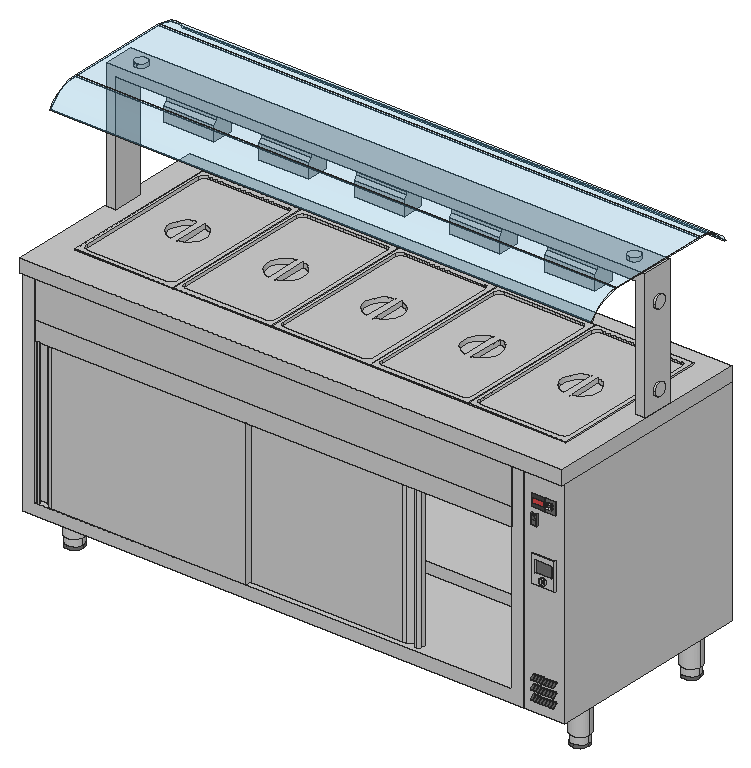
Revit family "QF_INOMAK_MRV718_250606113755", category Specialty Equipment, Revit 2021
Family settings
  Round Connector Dimension = Use Diameter
  Part Type = Normal
  OmniClass Number = 23.40.40.14
  OmniClass Title = Food Service Equipment
  Work Plane-Based = No
  Always vertical = Yes
  Cut with Voids When Loaded = No
  Shared = No
  Room Calculation Point = No
Parameters (values of type "MRV718")
  Weight [instance] = 110.001 kg
  Waste Water Discharge Temperature [instance] = 0 °C
  Waste Remarks [instance] = ""
  Warranty Start Date [instance] = ""
  Warranty Duration [instance] = ""
  Volts [instance] = 230 V
  Volt Free Conn [instance] = no
  URL Recommended Spares List [instance] = ""
  URL Manufacturer [instance] = ""
  URL Cutsheet [instance] = ""
  URL Critical Spares List [instance] = ""
  URL = "www.inomak.com"
  Technical Documentation [instance] = ""
  Tag Number [instance] = ""
  Status [instance] = ""
  Start Up Current [instance] = 0 A
  Specification by User [instance] = ""
  Specification by Manufacturer [instance] = ""
  Sound Level [instance] = ""
  Show Logo [instance] = yes
  Show Clearances [instance] = yes
  Service Life Duration [instance] = ""
  Serial Number [instance] = ""
  Seismic Rating [instance] = ""
  SMACNA No [instance] = ""
  Revision Code [instance] = ""
  Revision [instance] = ""
  Production Year [instance] = ""
  Potential Equalisation [instance] = no
  Point Load [instance] = 0
  Plumbing Remarks [instance] = ""
  Plumbing Connection Type [instance] = ""
  Phase [instance] = 1
  Other Equipment Approvals [instance] = ""
  Operational Current [instance] = 0 A
  Odor Trap Included [instance] = no
  Number of Poles [instance] = 2
  No Load Power Draw [instance] = no
  National Water Regulation Certification [instance] = no
  NAFEM Spec ID Number [instance] = ""
  Model Warning [instance] = ""
  Model = "MRV718"
  Min Ckt Ampacity [instance] = 0 A
  Max Overcurrent Protection [instance] = 16 A
  Masterspec [instance] = ""
  Manufacturer = "INOMAK"
  Main switch integrated [instance] = no
  Length Actual [instance] = 1791.97 mm
  Item Number [instance] = ""
  Installed By [instance] = ""
  Installation Date [instance] = ""
  Indirect Waste Size [instance] = 25.4 mm
  Indirect Waste Remarks [instance] = ""
  Indirect Waste Flow [instance] = 0.0 L/s
  Indirect Waste Connection Type [instance] = ""
  Indirect Waste Connection Height [instance] = 0 mm
  Identify Quantity as Lot [instance] = no
  ID [instance] = ""
  Hygiene Approval [instance] = ""
  Height Actual [instance] = 1312.926 mm
  HP power [instance] = ""
  Furnished By [instance] = ""
  Foodservice Equipment Identifier [instance] = no
  FL Amps [instance] = 14.1 A
  Electrical Remarks [instance] = ""
  Electric power [instance] = 3250 W
  Electric Connection Type [instance] = ""
  Elec Conn RI Height [instance] = 0 mm
  Elec Conn Connection Height [instance] = 0 mm
  ETL Approved [instance] = no
  Direct Waste Water Discharge Temperature [instance] = -273.15 °C
  Direct Waste Size [instance] = 25.4 mm
  Direct Waste RI Height [instance] = 0 mm
  Direct Waste Flow [instance] = 0.0 L/s
  Direct Waste Connection Height [instance] = 0 mm
  Description = "BAIN MARIE ON CUPBOARD WITH 4 GN PANS CAPACITY AND DOUBLE SNEEZE GUARD"
  Depth Actual [instance] = 700.024 mm
  Default Elevation = 0 mm
  Cycle [instance] = 50 Hz
  Cost = 0
  Connection to energy optimisation system [instance] = yes
  Conn Plug [instance] = ""
  Conn Conduit [instance] = no
  Cold Water Temperature Recommended [instance] = 0 °C
  Cold Water Size [instance] = 12.7 mm
  Cold Water Remarks [instance] = ""
  Cold Water RI Height [instance] = 0 mm
  Cold Water Quality [instance] = ""
  Cold Water Minimum Pressure [instance] = 200000.0 Pa
  Cold Water Maximum Pressure [instance] = 600000.0 Pa
  Cold Water Flow [instance] = 0.0 L/s
  Cold Water Connection Type [instance] = ""
  Cold Water Connection Height [instance] = 0 mm
  Centralized building control system with digital interface [instance] = ""
  CSI MasterFormat [instance] = ""
  CE Approved [instance] = no
  Barcode [instance] = 0
  Author [instance] = ""
  Asset Identifier [instance] = ""
  Apparent Power [instance] = 3250 VA
  Accessory [instance] = no
Reference planes
  plane 1 "Center (Front/Back)": y = 0
  plane 2: z = 0
  plane 3 "Center (Left/Right)": x = 0
Forms (mm)
  Extrusion 1, solid, not visible
    sketch origin (110.005, -510.025, 142.007) x (1, 0, 0) y (0, 1, 0)
      loop
        line (-2, 2) -> (-2, -2) -> (2, -2) -> (2, 2) -> (-2, 2)
    from -2 to 2
  Extrusion 2, solid, not visible
    sketch origin (110.005, -410.02, 142.007) x (1, 0, 0) y (0, 1, 0)
      loop
        line (-2, 2) -> (-2, -2) -> (2, -2) -> (2, 2) -> (-2, 2)
    from -2 to 2
  Extrusion 3, solid, not visible
    sketch origin (1745.085, -635.031, 142.007) x (1, 0, 0) y (0, 1, 0)
      loop
        line (-2, 2) -> (-2, -2) -> (2, -2) -> (2, 2) -> (-2, 2)
    from -2 to 2
Dimensions and locks
  locked: nested 2 to Extrusion 1 at 2  (x2)
  locked: nested 3 to Extrusion 2 at 2  (x2)
  locked: nested 4 to Extrusion 3 at 2  (x2)
  aligned and locked: level to plane 2
Nested families
  nested 1: "QF_INOMAK_CUPBOARD_BAIN_MARIES_1795_2920" at (0, 0, 140), type "MRV718"
    with Weight 110.001 kg, Warranty Start Date "", Warranty Duration "", URL Cutsheet "", Technical Documentation "", Tag Number "", Status "", Specification by User "", Specification by Manufacturer "", Sound Level "", Solid Fuel Type "", Show Logo yes, Show Clearances yes, Service Life Duration "", Serial Number "", Seismic Rating "", SMACNA No "", Revision Code "", Revision "", Production Year "", Point Load 0, Other Equipment Approvals "", NAFEM Spec ID Number "", Model Warning "", Masterspec "", Length Actual 1791.97 mm, Item Number "", Installed By "", Installation Date "", Identify Quantity as Lot yes, ID "", Hygiene Approval "", Height Actual 1312.926 mm, Furnished By "", Foodservice Equipment Identifier yes, ETL Approved yes, Depth Actual 700.024 mm, CSI MasterFormat "", CE Approved yes, Barcode "", Author "", Asset Identifier "", Accessory no
  nested 2: "CONN_POINT_COLDWATER_2D___Generic_Annotation" at (110.005, -510.025, 140.007), type "CONN_POINT_COLDWATER_2D___Generic_Annotation"
    with Onboard connection annotation symbol visibility yes
  nested 3: "CONN_POINT_DRAIN_2D___Generic_Annotation" at (110.005, -410.02, 140.007), type "CONN_POINT_DRAIN_2D___Generic_Annotation"
    with Onboard connection annotation symbol visibility yes
  nested 4: "CONN_POINT_ELE_2D___Generic_Annotation" at (1745.085, -635.031, 140.007), type "CONN_POINT_ELE_2D___Generic_Annotation"
    with Onboard connection annotation symbol visibility yes
  nested 5: "QF_INOMAK_HEAT_WORKTOPS_HTDS_1795_5089" at (0, 0, 896), type "HTDS-1795-630"
    with Weight 0.00 kg, Warranty Start Date "", Warranty Duration "", URL Cutsheet "", Technical Documentation "", Tag Number "", Status "", Specification by User "", Specification by Manufacturer "", Sound Level "", Solid Fuel Type "", Show Logo yes, Show Clearances yes, Service Life Duration "", Serial Number "", Seismic Rating "", SMACNA No "", Revision Code "", Revision "", Production Year "", Point Load 0, Other Equipment Approvals "", NAFEM Spec ID Number "", Model Warning "", Masterspec "", Length Actual 1791.97 mm, Item Number "", Installed By "", Installation Date "", Identify Quantity as Lot yes, ID "", Hygiene Approval "", Height Actual 439.928 mm, Furnished By "", Foodservice Equipment Identifier yes, ETL Approved yes, Depth Actual 629.92 mm, CSI MasterFormat "", CE Approved yes, Barcode "", Author "", Asset Identifier "", Accessory yes
  nested 6: "QF_INOMAK_LEGS_6224" at (0, 0, 0), type "LG-1795-700"
    with Weight 0.00 kg, Warranty Start Date "", Warranty Duration "", URL Cutsheet "", Technical Documentation "", Tag Number "", Status "", Specification by User "", Specification by Manufacturer "", Sound Level "", Solid Fuel Type "", Show Logo yes, Show Clearances yes, Service Life Duration "", Serial Number "", Seismic Rating "", SMACNA No "", Revision Code "", Revision "", Production Year "", Point Load 0, Other Equipment Approvals "", NAFEM Spec ID Number "", Model Warning "", Masterspec "", Length Actual 1791.97 mm, Item Number "", Installed By "", Installation Date "", Identify Quantity as Lot yes, ID "", Hygiene Approval "", Height Actual 139.954 mm, Furnished By "", Foodservice Equipment Identifier yes, ETL Approved yes, Depth Actual 700.024 mm, CSI MasterFormat "", CE Approved yes, Barcode "", Author "", Asset Identifier "", Accessory yes
Connectors
  piping at (110.005, -510.025, 140.007), diameter 12.7, driven by "Cold Water Size", driven by "Cold Water Flow"
    settings: on Extrusion 1, index 1, connector inside diameter 609.6 mm, connector length 0 mm, flow factor 0, pipe flow 0.0 L/s, pressure drop 0.0 Pa, fitting loss kfactor 0, connector angle 0.00°, fixture units 0, engagement length 0 mm, angle of deflection 0.00°, flow configuration 1, flow direction 1, fitting loss method 0, system type 20, joint type 0, gender type 0, connector reference index -1, connector utility 0, adjustable connector no, is connector primary yes, connector description "Cold Water connection for MRV718"
  piping at (110.005, -410.02, 140.007), diameter 25.4, driven by "Indirect Waste Size", driven by "Direct Waste Flow"
    settings: on Extrusion 2, index 2, connector inside diameter 609.6 mm, connector length 0 mm, flow factor 0, pipe flow 0.0 L/s, pressure drop 0.0 Pa, fitting loss kfactor 0, connector angle 0.00°, fixture units 0, engagement length 0 mm, angle of deflection 0.00°, flow configuration 1, flow direction 2, fitting loss method 0, system type 16, joint type 0, gender type 0, connector reference index -1, connector utility 0, adjustable connector no, is connector primary no, connector description "Waste connection for MRV718"
  electrical at (1745.085, -635.031, 140.007), driven by "Apparent Power", driven by "Number of Poles", driven by "Volts"
    settings: on Extrusion 3, index 3, voltage 230 V, apparent load 0 VA, apparent load phase1 3250 VA, apparent load phase2 0 VA, apparent load phase3 0 VA, power factor 1, load classification "Other", number of poles 2, system type 31, power factor state 1, is connector primary yes, connector utility no, sub classification motor no, connector description "Electrical connection for MRV718"
Definition of nested family "QF_INOMAK_CUPBOARD_BAIN_MARIES_1795_2920"
  Parameters (values of type "MDV718")
    Weight [instance] = 0.00 kg
    Warranty Start Date [instance] = ""
    Warranty Duration [instance] = ""
    URL Cutsheet [instance] = ""
    URL = "www.inomak.com"
    Technical Documentation [instance] = ""
    Tag Number [instance] = ""
    Status [instance] = ""
    Specification by User [instance] = ""
    Specification by Manufacturer [instance] = ""
    Sound Level [instance] = ""
    Solid Fuel Type [instance] = ""
    Show Logo [instance] = yes
    Show Clearances [instance] = yes
    Service Life Duration [instance] = ""
    Serial Number [instance] = ""
    Seismic Rating [instance] = ""
    SMACNA No [instance] = ""
    Revision Code [instance] = ""
    Revision [instance] = ""
    Production Year [instance] = ""
    Point Load [instance] = 0
    Other Equipment Approvals [instance] = ""
    NAFEM Spec ID Number [instance] = ""
    Model Warning [instance] = ""
    Model = "MDV718"
    Masterspec [instance] = ""
    Manufacturer = "INOMAK"
    Length Actual [instance] = 0 mm
    Item Number [instance] = ""
    Installed By [instance] = ""
    Installation Date [instance] = ""
    Identify Quantity as Lot [instance] = yes
    ID [instance] = ""
    Hygiene Approval [instance] = ""
    Height Actual [instance] = 0 mm
    Furnished By [instance] = ""
    Foodservice Equipment Identifier [instance] = yes
    ETL Approved [instance] = yes
    Description = "BAIN MARIE ON CUPBOARD WITH 4 GN PANS CAPACITY"
    Depth Actual [instance] = 0 mm
    Default Elevation = 0 mm
    CSI MasterFormat [instance] = ""
    CE Approved [instance] = yes
    Barcode [instance] = ""
    Author [instance] = ""
    Asset Identifier [instance] = ""
    Assembly Code = "E1090320"
    Accessory [instance] = yes
  Types (10, lengths in mm): name | Model | Description
    MFV718 | "MFV718" | "BAIN MARIE ON CUPBOARD WITH 4 GN PANS CAPACITY AND SHOWCASE"
    MHV718 | "MHV718" | "BAIN MARIE ON HEATED CUPBOARD WITH 4 GN PANS CAPACITY"
    MJV718 | "MJV718" | "BAIN MARIE ON HEATED CUPBOARD WITH 4 GN PANS CAPACITY AND SINGLE SNEEZE GUARD"
    MQV718 | "MQV718" | "BAIN MARIE ON HEATED CUPBOARD WITH 4 GN PANS CAPACITY AND DOUBLE SNEEZE GUARD"
    MISQ718 | "MISQ718" | "BAIN MARIE ON HEATED CUPBOARD WITH 4 GN PANS CAPACITY AND SQUARE SHOWCASE"
    MDV718 | "MDV718" | "BAIN MARIE ON CUPBOARD WITH 4 GN PANS CAPACITY"
    MVV718 | "MVV718" | "BAIN MARIE ON CUPBOARD WITH 4 GN PANS CAPACITY AND SINGLE SNEEZE GUARD"
    MRV718 | "MRV718" | "BAIN MARIE ON CUPBOARD WITH 4 GN PANS CAPACITY AND DOUBLE SNEEZE GUARD"
    MFSQ718 | "MFSQ718" | "BAIN MARIE ON CUPBOARD WITH 4 GN PANS CAPACITY AND SQUARE SHOWCASE"
    MIV718 | "MIV718" | "BAIN MARIE ON HEATED CUPBOARD WITH 4 GN PANS CAPACITY AND SHOWCASE"
  Reference planes
    plane 1 "Back": y = 0
    plane 2: z = 0
    plane 3 "Left": x = 0
    plane 4 "Right": x = 1792
    plane 5 "Front": y = -700
    plane 6 "Top": z = 756
  Forms (mm)
    Extrusion 1, solid
      sketch origin (1168.283, -707, -123.631) x (-1, 0, 0) y (0, 0, 1)
        loop
          arc (-522.253, 235.165) -> (-526.351, 236.263) -> (-527.449, 232.165) r 3
          line (-527.449, 232.165) -> (-518.449, 216.577)
          arc (-518.449, 216.577) -> (-514.351, 215.479) -> (-513.253, 219.577) r 3
          line (-513.253, 219.577) -> (-522.253, 235.165)
        loop
          arc (-532.253, 235.165) -> (-536.351, 236.263) -> (-537.449, 232.165) r 3
          line (-537.449, 232.165) -> (-528.449, 216.577)
          arc (-528.449, 216.577) -> (-524.351, 215.479) -> (-523.253, 219.577) r 3
          line (-523.253, 219.577) -> (-532.253, 235.165)
        loop
          arc (-542.253, 235.165) -> (-546.351, 236.263) -> (-547.449, 232.165) r 3
          line (-547.449, 232.165) -> (-538.449, 216.577)
          arc (-538.449, 216.577) -> (-534.351, 215.479) -> (-533.253, 219.577) r 3
          line (-533.253, 219.577) -> (-542.253, 235.165)
        loop
          arc (-552.253, 235.165) -> (-556.351, 236.263) -> (-557.449, 232.165) r 3
          line (-557.449, 232.165) -> (-548.449, 216.577)
          arc (-548.449, 216.577) -> (-544.351, 215.479) -> (-543.253, 219.577) r 3
          line (-543.253, 219.577) -> (-552.253, 235.165)
        loop
          arc (-562.253, 235.165) -> (-566.351, 236.263) -> (-567.449, 232.165) r 3
          line (-567.449, 232.165) -> (-558.449, 216.577)
          arc (-558.449, 216.577) -> (-554.351, 215.479) -> (-553.253, 219.577) r 3
          line (-553.253, 219.577) -> (-562.253, 235.165)
        loop
          arc (-572.253, 235.165) -> (-576.351, 236.263) -> (-577.449, 232.165) r 3
          line (-577.449, 232.165) -> (-568.449, 216.577)
          arc (-568.449, 216.577) -> (-564.351, 215.479) -> (-563.253, 219.577) r 3
          line (-563.253, 219.577) -> (-572.253, 235.165)
        loop
          arc (-582.253, 235.165) -> (-586.351, 236.263) -> (-587.449, 232.165) r 3
          line (-587.449, 232.165) -> (-578.449, 216.577)
          arc (-578.449, 216.577) -> (-574.351, 215.479) -> (-573.253, 219.577) r 3
          line (-573.253, 219.577) -> (-582.253, 235.165)
        loop
          arc (-592.253, 235.165) -> (-596.351, 236.263) -> (-597.449, 232.165) r 3
          line (-597.449, 232.165) -> (-588.449, 216.577)
          arc (-588.449, 216.577) -> (-584.351, 215.479) -> (-583.253, 219.577) r 3
          line (-583.253, 219.577) -> (-592.253, 235.165)
        loop
          arc (-522.253, 205.165) -> (-526.351, 206.263) -> (-527.449, 202.165) r 3
          line (-527.449, 202.165) -> (-518.449, 186.577)
          arc (-518.449, 186.577) -> (-514.351, 185.479) -> (-513.253, 189.577) r 3
          line (-513.253, 189.577) -> (-522.253, 205.165)
        loop
          arc (-532.253, 205.165) -> (-536.351, 206.263) -> (-537.449, 202.165) r 3
          line (-537.449, 202.165) -> (-528.449, 186.577)
          arc (-528.449, 186.577) -> (-524.351, 185.479) -> (-523.253, 189.577) r 3
          line (-523.253, 189.577) -> (-532.253, 205.165)
        loop
          arc (-542.253, 205.165) -> (-546.351, 206.263) -> (-547.449, 202.165) r 3
          line (-547.449, 202.165) -> (-538.449, 186.577)
          arc (-538.449, 186.577) -> (-534.351, 185.479) -> (-533.253, 189.577) r 3
          line (-533.253, 189.577) -> (-542.253, 205.165)
        loop
          arc (-552.253, 205.165) -> (-556.351, 206.263) -> (-557.449, 202.165) r 3
          line (-557.449, 202.165) -> (-548.449, 186.577)
          arc (-548.449, 186.577) -> (-544.351, 185.479) -> (-543.253, 189.577) r 3
          line (-543.253, 189.577) -> (-552.253, 205.165)
        loop
          arc (-562.253, 205.165) -> (-566.351, 206.263) -> (-567.449, 202.165) r 3
          line (-567.449, 202.165) -> (-558.449, 186.577)
          arc (-558.449, 186.577) -> (-554.351, 185.479) -> (-553.253, 189.577) r 3
          line (-553.253, 189.577) -> (-562.253, 205.165)
        loop
          arc (-572.253, 205.165) -> (-576.351, 206.263) -> (-577.449, 202.165) r 3
          line (-577.449, 202.165) -> (-568.449, 186.577)
          arc (-568.449, 186.577) -> (-564.351, 185.479) -> (-563.253, 189.577) r 3
          line (-563.253, 189.577) -> (-572.253, 205.165)
        loop
          arc (-582.253, 205.165) -> (-586.351, 206.263) -> (-587.449, 202.165) r 3
          line (-587.449, 202.165) -> (-578.449, 186.577)
          arc (-578.449, 186.577) -> (-574.351, 185.479) -> (-573.253, 189.577) r 3
          line (-573.253, 189.577) -> (-582.253, 205.165)
        loop
          arc (-592.253, 205.165) -> (-596.351, 206.263) -> (-597.449, 202.165) r 3
          line (-597.449, 202.165) -> (-588.449, 186.577)
          arc (-588.449, 186.577) -> (-584.351, 185.479) -> (-583.253, 189.577) r 3
          line (-583.253, 189.577) -> (-592.253, 205.165)
        loop
          arc (-522.253, 175.165) -> (-526.351, 176.263) -> (-527.449, 172.165) r 3
          line (-527.449, 172.165) -> (-518.449, 156.577)
          arc (-518.449, 156.577) -> (-514.351, 155.479) -> (-513.253, 159.577) r 3
          line (-513.253, 159.577) -> (-522.253, 175.165)
        loop
          arc (-532.253, 175.165) -> (-536.351, 176.263) -> (-537.449, 172.165) r 3
          line (-537.449, 172.165) -> (-528.449, 156.577)
          arc (-528.449, 156.577) -> (-524.351, 155.479) -> (-523.253, 159.577) r 3
          line (-523.253, 159.577) -> (-532.253, 175.165)
        loop
          arc (-542.253, 175.165) -> (-546.351, 176.263) -> (-547.449, 172.165) r 3
          line (-547.449, 172.165) -> (-538.449, 156.577)
          arc (-538.449, 156.577) -> (-534.351, 155.479) -> (-533.253, 159.577) r 3
          line (-533.253, 159.577) -> (-542.253, 175.165)
        loop
          arc (-552.253, 175.165) -> (-556.351, 176.263) -> (-557.449, 172.165) r 3
          line (-557.449, 172.165) -> (-548.449, 156.577)
          arc (-548.449, 156.577) -> (-544.351, 155.479) -> (-543.253, 159.577) r 3
          line (-543.253, 159.577) -> (-552.253, 175.165)
        loop
          arc (-562.253, 175.165) -> (-566.351, 176.263) -> (-567.449, 172.165) r 3
          line (-567.449, 172.165) -> (-558.449, 156.577)
          arc (-558.449, 156.577) -> (-554.351, 155.479) -> (-553.253, 159.577) r 3
          line (-553.253, 159.577) -> (-562.253, 175.165)
        loop
          arc (-572.253, 175.165) -> (-576.351, 176.263) -> (-577.449, 172.165) r 3
          line (-577.449, 172.165) -> (-568.449, 156.577)
          arc (-568.449, 156.577) -> (-564.351, 155.479) -> (-563.253, 159.577) r 3
          line (-563.253, 159.577) -> (-572.253, 175.165)
        loop
          arc (-582.253, 175.165) -> (-586.351, 176.263) -> (-587.449, 172.165) r 3
          line (-587.449, 172.165) -> (-578.449, 156.577)
          arc (-578.449, 156.577) -> (-574.351, 155.479) -> (-573.253, 159.577) r 3
          line (-573.253, 159.577) -> (-582.253, 175.165)
        loop
          arc (-592.253, 175.165) -> (-596.351, 176.263) -> (-597.449, 172.165) r 3
          line (-597.449, 172.165) -> (-588.449, 156.577)
          arc (-588.449, 156.577) -> (-584.351, 155.479) -> (-583.253, 159.577) r 3
          line (-583.253, 159.577) -> (-592.253, 175.165)
      from 16.5 to 18.5
    Extrusion 2, solid
      sketch origin (1476.266, -692, 538.514) x (-1, 0, 0) y (0, 0, 1)
        loop
          line (-208.234, 108.408) -> (-253.234, 108.408) -> (-253.234, 68.408) -> (-208.234, 68.408) -> (-208.234, 108.408)
      from 0 to 2
    Extrusion 3, solid
      sketch origin (754.5, -693, 539.422) x (-1, 0, 0) y (0, 0, 1)
        loop
          line (-950, 15) -> (-930, 15) -> (-930, 50) -> (-950, 50) -> (-950, 15)
      from 0 to 3
    Extrusion 4, solid
      sketch origin (782.5, -568, 539.422) x (0, 1, 0) y (0, 0, 1)
        loop
          line (-125, 18) -> (-125, 47)
          arc (-125, 47) -> (-127.961, 46.812) -> (-130.754, 45.81) r 10.576
          line (-130.754, 45.81) -> (-128, 32.5) -> (-128, 18) -> (-125, 18)
      from 905 to 919
    Extrusion 5, solid
      sketch origin (1521.266, -692, 538.514) x (-1, 0, 0) y (0, 0, 1)
        loop
          line (-208.234, 108.408) -> (-243.234, 108.408) -> (-243.234, 68.408) -> (-208.234, 68.408) -> (-208.234, 108.408)
      from 0 to 2
    Extrusion 6, solid
      sketch origin (1476.266, -692.5, 538.514) x (-1, 0, 0) y (0, 0, 1)
        loop
          line (-213.234, 94.908) -> (-248.234, 94.908) -> (-248.234, 81.908) -> (-213.234, 81.908) -> (-213.234, 94.908)
      from 0 to 2.5
    Extrusion 7, solid
      sketch origin (1476.266, -692.5, 538.514) x (-1, 0, 0) y (0, 0, 1)
        loop
          line (-271.558, 91.171) -> (-275.802, 98.522) -> (-280.047, 91.171) -> (-271.558, 91.171)
        loop
          line (-271.558, 85.645) -> (-280.047, 85.645) -> (-275.802, 78.294) -> (-271.558, 85.645)
        loop
          line (-257.397, 85.645) -> (-267.397, 85.645) -> (-267.397, 78.294) -> (-257.397, 78.294) -> (-257.397, 85.645)
        loop
          line (-265.397, 98.522) -> (-267.397, 98.522) -> (-267.397, 92.322) -> (-259.549, 92.322) -> (-259.549, 91.171) -> (-257.397, 93.322) -> (-259.549, 95.474) -> (-259.549, 94.322) -> (-265.397, 94.322) -> (-265.397, 98.522)
      from 0 to 2.5
    Extrusion 8, solid
      sketch origin (28.5, 0, 488) x (1, 0, 0) y (0, 1, 0)
        loop
          line (55, -50) -> (55, -580) -> (380, -580) -> (380, -50) -> (55, -50)
        loop
          arc (87.5, -65) -> (73.358, -70.858) -> (67.5, -85) r 20
          line (67.5, -85) -> (67.5, -545.415)
          arc (67.5, -545.415) -> (73.358, -559.557) -> (87.5, -565.415) r 20
          line (87.5, -565.415) -> (347.5, -565.415)
          arc (347.5, -565.415) -> (361.642, -559.557) -> (367.5, -545.415) r 20
          line (367.5, -545.415) -> (367.5, -85)
          arc (367.5, -85) -> (361.642, -70.858) -> (347.5, -65) r 20
          line (347.5, -65) -> (87.5, -65)
      from 222 to 270
    Extrusion 9, solid
      sketch origin (28.5, 0, 481) x (1, 0, 0) y (0, 1, 0)
        loop
          arc (67.5, -545.415) -> (73.358, -559.557) -> (87.5, -565.415) r 20
          line (87.5, -565.415) -> (347.5, -565.415)
          arc (347.5, -565.415) -> (361.642, -559.557) -> (367.5, -545.415) r 20
          line (367.5, -545.415) -> (367.5, -85)
          arc (367.5, -85) -> (361.642, -70.858) -> (347.5, -65) r 20
          line (347.5, -65) -> (87.5, -65)
          arc (87.5, -65) -> (73.358, -70.858) -> (67.5, -85) r 20
          line (67.5, -85) -> (67.5, -545.415)
      from 229 to 270
    Extrusion 10, void
      sketch origin (28.5, 0, 496) x (1, 0, 0) y (0, 1, 0)
        loop
          arc (207.5, -256.046) -> (157.5, -315.207) -> (207.5, -374.368) r 60
          line (207.5, -374.368) -> (207.5, -256.046)
        loop
          line (227.5, -256.046) -> (227.5, -374.368)
          arc (227.5, -374.368) -> (277.5, -315.207) -> (227.5, -256.046) r 60
      from 240 to 270
    Extrusion 11, solid
      sketch origin (353.5, 0, 488) x (1, 0, 0) y (0, 1, 0)
        loop
          line (55, -50) -> (55, -580) -> (380, -580) -> (380, -50) -> (55, -50)
        loop
          arc (87.5, -65) -> (73.358, -70.858) -> (67.5, -85) r 20
          line (67.5, -85) -> (67.5, -545.415)
          arc (67.5, -545.415) -> (73.358, -559.557) -> (87.5, -565.415) r 20
          line (87.5, -565.415) -> (347.5, -565.415)
          arc (347.5, -565.415) -> (361.642, -559.557) -> (367.5, -545.415) r 20
          line (367.5, -545.415) -> (367.5, -85)
          arc (367.5, -85) -> (361.642, -70.858) -> (347.5, -65) r 20
          line (347.5, -65) -> (87.5, -65)
      from 222 to 270
    Extrusion 12, solid
      sketch origin (353.5, 0, 481) x (1, 0, 0) y (0, 1, 0)
        loop
          arc (67.5, -545.415) -> (73.358, -559.557) -> (87.5, -565.415) r 20
          line (87.5, -565.415) -> (347.5, -565.415)
          arc (347.5, -565.415) -> (361.642, -559.557) -> (367.5, -545.415) r 20
          line (367.5, -545.415) -> (367.5, -85)
          arc (367.5, -85) -> (361.642, -70.858) -> (347.5, -65) r 20
          line (347.5, -65) -> (87.5, -65)
          arc (87.5, -65) -> (73.358, -70.858) -> (67.5, -85) r 20
          line (67.5, -85) -> (67.5, -545.415)
      from 229 to 270
    Extrusion 13, void
      sketch origin (353.5, 0, 496) x (1, 0, 0) y (0, 1, 0)
        loop
          arc (207.5, -256.046) -> (157.5, -315.207) -> (207.5, -374.368) r 60
          line (207.5, -374.368) -> (207.5, -256.046)
        loop
          line (227.5, -256.046) -> (227.5, -374.368)
          arc (227.5, -374.368) -> (277.5, -315.207) -> (227.5, -256.046) r 60
      from 240 to 270
    Extrusion 14, solid
      sketch origin (1003.5, 0, 488) x (1, 0, 0) y (0, 1, 0)
        loop
          line (55, -50) -> (55, -580) -> (380, -580) -> (380, -50) -> (55, -50)
        loop
          arc (87.5, -65) -> (73.358, -70.858) -> (67.5, -85) r 20
          line (67.5, -85) -> (67.5, -545.415)
          arc (67.5, -545.415) -> (73.358, -559.557) -> (87.5, -565.415) r 20
          line (87.5, -565.415) -> (347.5, -565.415)
          arc (347.5, -565.415) -> (361.642, -559.557) -> (367.5, -545.415) r 20
          line (367.5, -545.415) -> (367.5, -85)
          arc (367.5, -85) -> (361.642, -70.858) -> (347.5, -65) r 20
          line (347.5, -65) -> (87.5, -65)
      from 222 to 270
    Extrusion 15, solid
      sketch origin (1003.5, 0, 481) x (1, 0, 0) y (0, 1, 0)
        loop
          arc (67.5, -545.415) -> (73.358, -559.557) -> (87.5, -565.415) r 20
          line (87.5, -565.415) -> (347.5, -565.415)
          arc (347.5, -565.415) -> (361.642, -559.557) -> (367.5, -545.415) r 20
          line (367.5, -545.415) -> (367.5, -85)
          arc (367.5, -85) -> (361.642, -70.858) -> (347.5, -65) r 20
          line (347.5, -65) -> (87.5, -65)
          arc (87.5, -65) -> (73.358, -70.858) -> (67.5, -85) r 20
          line (67.5, -85) -> (67.5, -545.415)
      from 229 to 270
    Extrusion 16, void
      sketch origin (1003.5, 0, 496) x (1, 0, 0) y (0, 1, 0)
        loop
          arc (207.5, -256.046) -> (157.5, -315.207) -> (207.5, -374.368) r 60
          line (207.5, -374.368) -> (207.5, -256.046)
        loop
          line (227.5, -256.046) -> (227.5, -374.368)
          arc (227.5, -374.368) -> (277.5, -315.207) -> (227.5, -256.046) r 60
      from 240 to 270
    Extrusion 17, solid
      sketch origin (0, 0, 706) x (1, 0, 0) y (0, 1, 0)
        loop
          line (0, 0) -> (0, -700) -> (1792, -700) -> (1792, 0) -> (0, 0)
        loop
          line (83.5, -50) -> (83.5, -580) -> (1708.5, -580) -> (1708.5, -50) -> (83.5, -50)
      from 4 to 50
    Extrusion 18, solid
      sketch origin (0, 0, 0) x (1, 0, 0) y (0, 1, 0)
        loop
          line (0, -690) -> (40, -690) -> (40, -40) -> (1617, -40) -> (1617, -690) -> (1657, -690) -> (1657, 0) -> (0, 0) -> (0, -690)
      from 0 to 710
    Extrusion 19, solid
      sketch origin (687, 0, 0) x (1, 0, 0) y (0, 1, 0)
        loop
          line (970, 0) -> (970, -690) -> (1105, -690) -> (1105, 0) -> (970, 0)
      from 0 to 710
    Extrusion 20, solid
      sketch origin (-130, -690, 0) x (-1, 0, 0) y (0, 1, 0)
        loop
          line (-170, 10) -> (-170, 20) -> (-868.5, 20) -> (-868.5, 0) -> (-226.156, 0)
          arc (-226.156, 0) -> (-220.272, 0.885) -> (-214.91, 3.461) r 20
          line (-214.91, 3.461) -> (-195, 17) -> (-173, 17) -> (-173, 10)
          arc (-173, 10) -> (-175.05, 5.05) -> (-180, 3) r 7
          line (-180, 3) -> (-185.012, 3) -> (-185.012, 0) -> (-180, 0)
          arc (-180, 0) -> (-172.929, 2.929) -> (-170, 10) r 10
      from -40 to -520
    Extrusion 21, solid
      sketch origin (367, -690, 0) x (-1, 0, 0) y (0, 1, 0)
        loop
          arc (-930, 30) -> (-927.071, 22.929) -> (-920, 20) r 10
          line (-920, 20) -> (-914.988, 20) -> (-914.988, 23) -> (-920, 23)
          arc (-920, 23) -> (-924.95, 25.05) -> (-927, 30) r 7
          line (-927, 30) -> (-927, 37) -> (-905, 37) -> (-885.09, 23.461)
          arc (-885.09, 23.461) -> (-879.728, 20.885) -> (-873.844, 20) r 20
          line (-873.844, 20) -> (-231.5, 20) -> (-231.5, 40) -> (-930, 40) -> (-930, 30)
      from -40 to -520
    Extrusion 22, solid
      sketch origin (0, 0, 0) x (1, 0, 0) y (0, 1, 0)
        loop
          line (40, -40) -> (40, -690) -> (1620, -690) -> (1620, -40) -> (40, -40)
      from 0 to 40
    Extrusion 23, solid
      sketch origin (0.5, 0, 672.314) x (1, 0, 0) y (0, 1, 0)
        loop
          line (39.5, -40) -> (39.5, -690) -> (1616.5, -690) -> (1616.5, -40) -> (39.5, -40)
      from -92.314 to 37.686
    Extrusion 24, solid
      sketch origin (-1.5, 0, 610.314) x (1, 0, 0) y (0, 1, 0)
        loop
          line (41.5, -40) -> (41.5, -690) -> (1618.5, -690) -> (1618.5, -40) -> (41.5, -40)
      from -90.314 to -30.314
    Extrusion 25, solid
      sketch origin (-1.5, 0, 252.5) x (1, 0, 0) y (0, 1, 0)
        loop
          line (41.5, -40) -> (41.5, -645) -> (1618.5, -645) -> (1618.5, -40) -> (41.5, -40)
      from 0 to 35
    Extrusion 26, solid
      sketch origin (694.002, -695, 50) x (-1, 0, 0) y (0, 0, 1)
        loop
          line (-992.998, 421.076) -> (-1067.998, 421.076) -> (-1067.998, 331.076) -> (-992.998, 331.076) -> (-992.998, 421.076)
        loop
          line (-1003.957, 406.276) -> (-1058.957, 406.276) -> (-1058.957, 366.276) -> (-1003.957, 366.276) -> (-1003.957, 406.276)
      from 0 to 5
    Extrusion 27, solid
      sketch origin (694.002, -692, 50) x (-1, 0, 0) y (0, 0, 1)
        loop
          line (-1003.957, 406.276) -> (-1058.957, 406.276) -> (-1058.957, 366.276) -> (-1003.957, 366.276) -> (-1003.957, 406.276)
      from 0 to 2
    Revolve 28, solid
      sketch origin (1724.5, 59.612, -3292.415) x (0, 1, 0) y (0, 0, 1)
        loop
          line (-757.012, 3691.152) -> (-754.612, 3691.152) -> (-754.612, 3701.789) -> (-757.662, 3701.789) -> (-759.012, 3699.998) -> (-757.012, 3699.998) -> (-757.012, 3691.152)
        axis (-754.612, 3691.152) -> (-759.012, 3691.152)
      angle from 0 to 360
    Extrusion 29, solid
      sketch origin (-367.127, -695, 2689.585) x (-1, 0, 0) y (0, 0, 1)
        loop
          line (-2090.827, -2287.348) -> (-2092.827, -2287.348) -> (-2092.827, -2294.348) -> (-2090.827, -2294.348) -> (-2090.827, -2287.348)
        loop
          circle (-2091.627, -2290.848) r 7.846
      from -4.4 to -2.4
    Extrusion 30, solid
      sketch origin (678.5, 0, 488) x (1, 0, 0) y (0, 1, 0)
        loop
          line (55, -50) -> (55, -580) -> (380, -580) -> (380, -50) -> (55, -50)
        loop
          arc (87.5, -65) -> (73.358, -70.858) -> (67.5, -85) r 20
          line (67.5, -85) -> (67.5, -545.415)
          arc (67.5, -545.415) -> (73.358, -559.557) -> (87.5, -565.415) r 20
          line (87.5, -565.415) -> (347.5, -565.415)
          arc (347.5, -565.415) -> (361.642, -559.557) -> (367.5, -545.415) r 20
          line (367.5, -545.415) -> (367.5, -85)
          arc (367.5, -85) -> (361.642, -70.858) -> (347.5, -65) r 20
          line (347.5, -65) -> (87.5, -65)
      from 222 to 270
    Extrusion 31, solid
      sketch origin (678.5, 0, 481) x (1, 0, 0) y (0, 1, 0)
        loop
          arc (67.5, -545.415) -> (73.358, -559.557) -> (87.5, -565.415) r 20
          line (87.5, -565.415) -> (347.5, -565.415)
          arc (347.5, -565.415) -> (361.642, -559.557) -> (367.5, -545.415) r 20
          line (367.5, -545.415) -> (367.5, -85)
          arc (367.5, -85) -> (361.642, -70.858) -> (347.5, -65) r 20
          line (347.5, -65) -> (87.5, -65)
          arc (87.5, -65) -> (73.358, -70.858) -> (67.5, -85) r 20
          line (67.5, -85) -> (67.5, -545.415)
      from 229 to 270
    Extrusion 32, void
      sketch origin (678.5, 0, 496) x (1, 0, 0) y (0, 1, 0)
        loop
          arc (207.5, -256.046) -> (157.5, -315.207) -> (207.5, -374.368) r 60
          line (207.5, -374.368) -> (207.5, -256.046)
        loop
          line (227.5, -256.046) -> (227.5, -374.368)
          arc (227.5, -374.368) -> (277.5, -315.207) -> (227.5, -256.046) r 60
      from 240 to 270
    Extrusion 33, solid
      sketch origin (1328.5, 0, 488) x (1, 0, 0) y (0, 1, 0)
        loop
          line (55, -50) -> (55, -580) -> (380, -580) -> (380, -50) -> (55, -50)
        loop
          arc (87.5, -65) -> (73.358, -70.858) -> (67.5, -85) r 20
          line (67.5, -85) -> (67.5, -545.415)
          arc (67.5, -545.415) -> (73.358, -559.557) -> (87.5, -565.415) r 20
          line (87.5, -565.415) -> (347.5, -565.415)
          arc (347.5, -565.415) -> (361.642, -559.557) -> (367.5, -545.415) r 20
          line (367.5, -545.415) -> (367.5, -85)
          arc (367.5, -85) -> (361.642, -70.858) -> (347.5, -65) r 20
          line (347.5, -65) -> (87.5, -65)
      from 222 to 270
    Extrusion 34, solid
      sketch origin (1328.5, 0, 481) x (1, 0, 0) y (0, 1, 0)
        loop
          arc (67.5, -545.415) -> (73.358, -559.557) -> (87.5, -565.415) r 20
          line (87.5, -565.415) -> (347.5, -565.415)
          arc (347.5, -565.415) -> (361.642, -559.557) -> (367.5, -545.415) r 20
          line (367.5, -545.415) -> (367.5, -85)
          arc (367.5, -85) -> (361.642, -70.858) -> (347.5, -65) r 20
          line (347.5, -65) -> (87.5, -65)
          arc (87.5, -65) -> (73.358, -70.858) -> (67.5, -85) r 20
          line (67.5, -85) -> (67.5, -545.415)
      from 229 to 270
    Extrusion 35, void
      sketch origin (1328.5, 0, 496) x (1, 0, 0) y (0, 1, 0)
        loop
          arc (207.5, -256.046) -> (157.5, -315.207) -> (207.5, -374.368) r 60
          line (207.5, -374.368) -> (207.5, -256.046)
        loop
          line (227.5, -256.046) -> (227.5, -374.368)
          arc (227.5, -374.368) -> (277.5, -315.207) -> (227.5, -256.046) r 60
      from 240 to 270
  Cuts and joins
    Extrusion 10, Extrusion 13 cuts Extrusion 9
    Extrusion 13, Extrusion 16, Extrusion 32 cuts Extrusion 12
    Extrusion 16, Extrusion 35 cuts Extrusion 15
    joined: Extrusion 18, Extrusion 22
    Extrusion 32 cuts Extrusion 31
    Extrusion 35 cuts Extrusion 34
  Lines and regions (mm)
    symbolic lines
      curve 1: line (0, 0, 0) -> (1792, 0, 0)
      curve 2: line (0, -700, 0) -> (0, 0, 0)
      curve 3: line (1792, -700, 0) -> (0, -700, 0)
      curve 4: line (1792, 0, 0) -> (1792, -700, 0)
      curve 5: line (83.5, -50, 0) -> (1708.5, -50, 0)
      curve 6: line (83.5, -580, 0) -> (83.5, -50, 0)
      curve 7: line (1708.5, -580, 0) -> (83.5, -580, 0)
      curve 8: line (733.5, -50, 0) -> (733.5, -580, 0)
      curve 9: line (408.5, -50, 0) -> (408.5, -580, 0)
      curve 10: line (1708.5, -50, 0) -> (1708.5, -580, 0)
      curve 11: line (1058.5, -50, 0) -> (1058.5, -580, 0)
      curve 12: line (1383.5, -50, 0) -> (1383.5, -580, 0)
      curve 13: line (116, -65, 0) -> (376, -65, 0)
      curve 14: arc (376, -65, 0) -> (390.142, -70.858, 0) -> (396, -85, 0) r 20
      curve 15: line (396, -85, 0) -> (396, -545.415, 0)
      curve 16: arc (396, -545.415, 0) -> (390.142, -559.557, 0) -> (376, -565.415, 0) r 20
      curve 17: line (376, -565.415, 0) -> (116, -565.415, 0)
      curve 18: arc (116, -565.415, 0) -> (101.858, -559.557, 0) -> (96, -545.415, 0) r 20
      curve 19: line (96, -545.415, 0) -> (96, -85, 0)
      curve 20: arc (96, -85, 0) -> (101.858, -70.858, 0) -> (116, -65, 0) r 20
      curve 21: arc (236, -256.046, 0) -> (186, -315.207, 0) -> (236, -374.368, 0) r 60
      curve 22: line (236, -374.368, 0) -> (236, -256.046, 0)
      curve 23: line (256, -256.046, 0) -> (256, -374.368, 0)
      curve 24: arc (256, -374.368, 0) -> (306, -315.207, 0) -> (256, -256.046, 0) r 60
      curve 25: line (441, -65, 0) -> (701, -65, 0)
      curve 26: arc (701, -65, 0) -> (715.142, -70.858, 0) -> (721, -85, 0) r 20
      curve 27: line (721, -85, 0) -> (721, -545.415, 0)
      curve 28: arc (721, -545.415, 0) -> (715.142, -559.557, 0) -> (701, -565.415, 0) r 20
      curve 29: line (701, -565.415, 0) -> (441, -565.415, 0)
      curve 30: arc (441, -565.415, 0) -> (426.858, -559.557, 0) -> (421, -545.415, 0) r 20
      curve 31: line (421, -545.415, 0) -> (421, -85, 0)
      curve 32: arc (421, -85, 0) -> (426.858, -70.858, 0) -> (441, -65, 0) r 20
      curve 33: arc (561, -256.046, 0) -> (511, -315.207, 0) -> (561, -374.368, 0) r 60
      curve 34: line (561, -374.368, 0) -> (561, -256.046, 0)
      curve 35: line (581, -256.046, 0) -> (581, -374.368, 0)
      curve 36: arc (581, -374.368, 0) -> (631, -315.207, 0) -> (581, -256.046, 0) r 60
      curve 37: line (766, -65, 0) -> (1026, -65, 0)
      curve 38: arc (1026, -65, 0) -> (1040.142, -70.858, 0) -> (1046, -85, 0) r 20
      curve 39: line (1046, -85, 0) -> (1046, -545.415, 0)
      curve 40: arc (1046, -545.415, 0) -> (1040.142, -559.557, 0) -> (1026, -565.415, 0) r 20
      curve 41: line (1026, -565.415, 0) -> (766, -565.415, 0)
      curve 42: arc (766, -565.415, 0) -> (751.858, -559.557, 0) -> (746, -545.415, 0) r 20
      curve 43: line (746, -545.415, 0) -> (746, -85, 0)
      curve 44: arc (746, -85, 0) -> (751.858, -70.858, 0) -> (766, -65, 0) r 20
      curve 45: arc (886, -256.046, 0) -> (836, -315.207, 0) -> (886, -374.368, 0) r 60
      curve 46: line (886, -374.368, 0) -> (886, -256.046, 0)
      curve 47: line (906, -256.046, 0) -> (906, -374.368, 0)
      curve 48: arc (906, -374.368, 0) -> (956, -315.207, 0) -> (906, -256.046, 0) r 60
      curve 49: line (1091, -65, 0) -> (1351, -65, 0)
      curve 50: arc (1351, -65, 0) -> (1365.142, -70.858, 0) -> (1371, -85, 0) r 20
      curve 51: line (1371, -85, 0) -> (1371, -545.415, 0)
      curve 52: arc (1371, -545.415, 0) -> (1365.142, -559.557, 0) -> (1351, -565.415, 0) r 20
      curve 53: line (1351, -565.415, 0) -> (1091, -565.415, 0)
      curve 54: arc (1091, -565.415, 0) -> (1076.858, -559.557, 0) -> (1071, -545.415, 0) r 20
      curve 55: line (1071, -545.415, 0) -> (1071, -85, 0)
      curve 56: arc (1071, -85, 0) -> (1076.858, -70.858, 0) -> (1091, -65, 0) r 20
      curve 57: arc (1211, -256.046, 0) -> (1161, -315.207, 0) -> (1211, -374.368, 0) r 60
      curve 58: line (1211, -374.368, 0) -> (1211, -256.046, 0)
      curve 59: line (1231, -256.046, 0) -> (1231, -374.368, 0)
      curve 60: arc (1231, -374.368, 0) -> (1281, -315.207, 0) -> (1231, -256.046, 0) r 60
      curve 61: line (1416, -65, 0) -> (1676, -65, 0)
      curve 62: arc (1676, -65, 0) -> (1690.142, -70.858, 0) -> (1696, -85, 0) r 20
      curve 63: line (1696, -85, 0) -> (1696, -545.415, 0)
      curve 64: arc (1696, -545.415, 0) -> (1690.142, -559.557, 0) -> (1676, -565.415, 0) r 20
      curve 65: line (1676, -565.415, 0) -> (1416, -565.415, 0)
      curve 66: arc (1416, -565.415, 0) -> (1401.858, -559.557, 0) -> (1396, -545.415, 0) r 20
      curve 67: line (1396, -545.415, 0) -> (1396, -85, 0)
      curve 68: arc (1396, -85, 0) -> (1401.858, -70.858, 0) -> (1416, -65, 0) r 20
      curve 69: arc (1536, -256.046, 0) -> (1486, -315.207, 0) -> (1536, -374.368, 0) r 60
      curve 70: line (1536, -374.368, 0) -> (1536, -256.046, 0)
      curve 71: line (1556, -256.046, 0) -> (1556, -374.368, 0)
      curve 72: arc (1556, -374.368, 0) -> (1606, -315.207, 0) -> (1556, -256.046, 0) r 60
  Dimensions and locks
    plane 3 "Left" to plane 4 "Right" = 1792 mm
    plane 5 "Front" to plane 1 "Back" = 700 mm
    plane 6 "Top" to plane 2 = 756 mm
    aligned and locked: level to plane 2
Definition of nested family "QF_INOMAK_HEAT_WORKTOPS_HTDS_1795_5089"
  Parameters (values of type "HTDS-1795-630")
    Weight [instance] = 0.00 kg
    Warranty Start Date [instance] = ""
    Warranty Duration [instance] = ""
    URL Cutsheet [instance] = ""
    URL = "www.inomak.com"
    Technical Documentation [instance] = ""
    Tag Number [instance] = ""
    Status [instance] = ""
    Specification by User [instance] = ""
    Specification by Manufacturer [instance] = ""
    Sound Level [instance] = ""
    Solid Fuel Type [instance] = ""
    Show Logo [instance] = yes
    Show Clearances [instance] = yes
    Service Life Duration [instance] = ""
    Serial Number [instance] = ""
    Seismic Rating [instance] = ""
    SMACNA No [instance] = ""
    Revision Code [instance] = ""
    Revision [instance] = ""
    Production Year [instance] = ""
    Point Load [instance] = 0
    Other Equipment Approvals [instance] = ""
    NAFEM Spec ID Number [instance] = ""
    Model Warning [instance] = ""
    Model = "HTDS"
    Masterspec [instance] = ""
    Manufacturer = "INOMAK"
    Length Actual [instance] = 0 mm
    Item Number [instance] = ""
    Installed By [instance] = ""
    Installation Date [instance] = ""
    Identify Quantity as Lot [instance] = yes
    ID [instance] = ""
    Hygiene Approval [instance] = ""
    Height Actual [instance] = 0 mm
    Furnished By [instance] = ""
    Foodservice Equipment Identifier [instance] = yes
    ETL Approved [instance] = yes
    Description = "DOUBLE SNEEZE GUARD"
    Depth Actual [instance] = 0 mm
    Default Elevation = 0 mm
    CSI MasterFormat [instance] = ""
    CE Approved [instance] = yes
    Barcode [instance] = ""
    Author [instance] = ""
    Asset Identifier [instance] = ""
    Assembly Code = "E1090320"
    Accessory [instance] = yes
  Reference planes
    plane 1 "Back": y = 0
    plane 2: z = 0
    plane 3 "Left": x = 0
    plane 4 "Right": x = 1792
    plane 5 "Front": y = -630
    plane 6 "Top": z = 440
  Forms (mm)
    Extrusion 1, solid
      sketch origin (1080, 0, -833) x (0, -1, 0) y (0, 0, 1)
        loop
          line (20, 1213.94) -> (25.993, 1213.94)
          arc (25.993, 1213.94) -> (70.349, 1253.652) -> (128.129, 1268) r 123.514
          line (128.129, 1268) -> (471.871, 1268)
          arc (471.871, 1268) -> (529.651, 1253.652) -> (574.007, 1213.94) r 123.514
          line (574.007, 1213.94) -> (580, 1213.94)
          arc (580, 1213.94) -> (533.474, 1257.273) -> (471.871, 1273) r 128.514
          line (471.871, 1273) -> (128.129, 1273)
          arc (128.129, 1273) -> (66.526, 1257.273) -> (20, 1213.94) r 128.514
      from -712 to 1080
    Extrusion 2, solid
      sketch origin (0, -695.221, -833) x (-1, 0, 0) y (0, 0, 1)
        loop
          line (-5, 833) -> (-5, 1258) -> (-1787, 1258) -> (-1787, 833) -> (-1757, 833) -> (-1757, 1228) -> (-35, 1228) -> (-35, 833) -> (-5, 833)
      from 345.221 to 445.221
    Extrusion 3, solid
      sketch origin (790, 0, -833) x (0, -1, 0) y (0, 0, 1)
        loop
          circle (300, 1158) r 20
      from 785 to 795
    Extrusion 4, solid
      sketch origin (790, 0, 1357) x (0, -1, 0) y (0, 0, 1)
        loop
          circle (300, -1292) r 20
      from 785 to 795
    Extrusion 5, solid
      sketch origin (1002, 0, -833) x (0, -1, 0) y (0, 0, -1)
        loop
          circle (300, -1158) r 20
      from 785 to 795
    Extrusion 6, solid
      sketch origin (1002, 0, 1357) x (0, -1, 0) y (0, 0, -1)
        loop
          circle (300, 1292) r 20
      from 785 to 795
    Extrusion 7, solid
      sketch origin (0, 1874.578, 40) x (0, 1, 0) y (-1, 0, 0)
        loop
          circle (-2174.578, -80) r 20
      from 385 to 395
    Extrusion 8, solid
      sketch origin (712, 1874.578, 40) x (0, 1, 0) y (-1, 0, 0)
        loop
          circle (-2174.578, -1000) r 20
      from 385 to 395
    Extrusion 9, solid
      sketch origin (173.5, 0, 0) x (0, 1, 0) y (0, 0, 1)
        loop
          line (-265, 395) -> (-335, 395) -> (-335, 385) -> (-324.393, 374.393) -> (-275.607, 374.393) -> (-265, 385) -> (-265, 395)
      from 10 to 175
    Extrusion 10, solid
      sketch origin (183.5, 0, 0) x (0, 1, 0) y (0, 0, 1)
        loop
          line (-275.607, 374.393) -> (-324.393, 374.393) -> (-324.393, 364.393) -> (-335, 353.787) -> (-335, 305) -> (-265, 305) -> (-265, 353.787) -> (-275.607, 364.393) -> (-275.607, 374.393)
      from 0 to 5
    Extrusion 11, solid
      sketch origin (188.5, 0, 0) x (0, 1, 0) y (0, 0, 1)
        loop
          line (-275.607, 374.393) -> (-324.393, 374.393) -> (-324.393, 364.393) -> (-335, 353.787) -> (-335, 305) -> (-330, 305) -> (-330, 348.787) -> (-270, 348.787) -> (-270, 305) -> (-265, 305) -> (-265, 353.787) -> (-275.607, 364.393) -> (-275.607, 374.393)
      from 0 to 155
    Extrusion 12, solid
      sketch origin (343.5, 0, 0) x (0, 1, 0) y (0, 0, 1)
        loop
          line (-275.607, 374.393) -> (-324.393, 374.393) -> (-324.393, 364.393) -> (-335, 353.787) -> (-335, 305) -> (-265, 305) -> (-265, 353.787) -> (-275.607, 364.393) -> (-275.607, 374.393)
      from 0 to 5
    Extrusion 13, solid
      sketch origin (488.5, 0, 0) x (0, 1, 0) y (0, 0, 1)
        loop
          line (-265, 395) -> (-335, 395) -> (-335, 385) -> (-324.393, 374.393) -> (-275.607, 374.393) -> (-265, 385) -> (-265, 395)
      from 10 to 175
    Extrusion 14, solid
      sketch origin (498.5, 0, 0) x (0, 1, 0) y (0, 0, 1)
        loop
          line (-275.607, 374.393) -> (-324.393, 374.393) -> (-324.393, 364.393) -> (-335, 353.787) -> (-335, 305) -> (-265, 305) -> (-265, 353.787) -> (-275.607, 364.393) -> (-275.607, 374.393)
      from 0 to 5
    Extrusion 15, solid
      sketch origin (503.5, 0, 0) x (0, 1, 0) y (0, 0, 1)
        loop
          line (-275.607, 374.393) -> (-324.393, 374.393) -> (-324.393, 364.393) -> (-335, 353.787) -> (-335, 305) -> (-330, 305) -> (-330, 348.787) -> (-270, 348.787) -> (-270, 305) -> (-265, 305) -> (-265, 353.787) -> (-275.607, 364.393) -> (-275.607, 374.393)
      from 0 to 155
    Extrusion 16, solid
      sketch origin (658.5, 0, 0) x (0, 1, 0) y (0, 0, 1)
        loop
          line (-275.607, 374.393) -> (-324.393, 374.393) -> (-324.393, 364.393) -> (-335, 353.787) -> (-335, 305) -> (-265, 305) -> (-265, 353.787) -> (-275.607, 364.393) -> (-275.607, 374.393)
      from 0 to 5
    Extrusion 17, solid
      sketch origin (1303.5, 0, 0) x (0, 1, 0) y (0, 0, -1)
        loop
          line (-265, -395) -> (-265, -385) -> (-275.607, -374.393) -> (-324.393, -374.393) -> (-335, -385) -> (-335, -395) -> (-265, -395)
      from 10 to 175
    Extrusion 18, solid
      sketch origin (1293.5, 0, 0) x (0, 1, 0) y (0, 0, -1)
        loop
          line (-275.607, -374.393) -> (-275.607, -364.393) -> (-265, -353.787) -> (-265, -305) -> (-335, -305) -> (-335, -353.787) -> (-324.393, -364.393) -> (-324.393, -374.393) -> (-275.607, -374.393)
      from 0 to 5
    Extrusion 19, solid
      sketch origin (1288.5, 0, 0) x (0, 1, 0) y (0, 0, -1)
        loop
          line (-275.607, -374.393) -> (-275.607, -364.393) -> (-265, -353.787) -> (-265, -305) -> (-270, -305) -> (-270, -348.787) -> (-330, -348.787) -> (-330, -305) -> (-335, -305) -> (-335, -353.787) -> (-324.393, -364.393) -> (-324.393, -374.393) -> (-275.607, -374.393)
      from 0 to 155
    Extrusion 20, solid
      sketch origin (1133.5, 0, 0) x (0, 1, 0) y (0, 0, -1)
        loop
          line (-275.607, -374.393) -> (-275.607, -364.393) -> (-265, -353.787) -> (-265, -305) -> (-335, -305) -> (-335, -353.787) -> (-324.393, -364.393) -> (-324.393, -374.393) -> (-275.607, -374.393)
      from 0 to 5
    Extrusion 21, solid
      sketch origin (988.5, 0, 0) x (0, 1, 0) y (0, 0, -1)
        loop
          line (-265, -395) -> (-265, -385) -> (-275.607, -374.393) -> (-324.393, -374.393) -> (-335, -385) -> (-335, -395) -> (-265, -395)
      from 10 to 175
    Extrusion 22, solid
      sketch origin (978.5, 0, 0) x (0, 1, 0) y (0, 0, -1)
        loop
          line (-275.607, -374.393) -> (-275.607, -364.393) -> (-265, -353.787) -> (-265, -305) -> (-335, -305) -> (-335, -353.787) -> (-324.393, -364.393) -> (-324.393, -374.393) -> (-275.607, -374.393)
      from 0 to 5
    Extrusion 23, solid
      sketch origin (973.5, 0, 0) x (0, 1, 0) y (0, 0, -1)
        loop
          line (-275.607, -374.393) -> (-275.607, -364.393) -> (-265, -353.787) -> (-265, -305) -> (-270, -305) -> (-270, -348.787) -> (-330, -348.787) -> (-330, -305) -> (-335, -305) -> (-335, -353.787) -> (-324.393, -364.393) -> (-324.393, -374.393) -> (-275.607, -374.393)
      from 0 to 155
    Extrusion 24, solid
      sketch origin (818.5, 0, 0) x (0, 1, 0) y (0, 0, -1)
        loop
          line (-275.607, -374.393) -> (-275.607, -364.393) -> (-265, -353.787) -> (-265, -305) -> (-335, -305) -> (-335, -353.787) -> (-324.393, -364.393) -> (-324.393, -374.393) -> (-275.607, -374.393)
      from 0 to 5
    Extrusion 25, solid
      sketch origin (1618.5, 0, 0) x (0, 1, 0) y (0, 0, -1)
        loop
          line (-265, -395) -> (-265, -385) -> (-275.607, -374.393) -> (-324.393, -374.393) -> (-335, -385) -> (-335, -395) -> (-265, -395)
      from 10 to 175
    Extrusion 26, solid
      sketch origin (1608.5, 0, 0) x (0, 1, 0) y (0, 0, -1)
        loop
          line (-275.607, -374.393) -> (-275.607, -364.393) -> (-265, -353.787) -> (-265, -305) -> (-335, -305) -> (-335, -353.787) -> (-324.393, -364.393) -> (-324.393, -374.393) -> (-275.607, -374.393)
      from 0 to 5
    Extrusion 27, solid
      sketch origin (1603.5, 0, 0) x (0, 1, 0) y (0, 0, -1)
        loop
          line (-275.607, -374.393) -> (-275.607, -364.393) -> (-265, -353.787) -> (-265, -305) -> (-270, -305) -> (-270, -348.787) -> (-330, -348.787) -> (-330, -305) -> (-335, -305) -> (-335, -353.787) -> (-324.393, -364.393) -> (-324.393, -374.393) -> (-275.607, -374.393)
      from 0 to 155
    Extrusion 28, solid
      sketch origin (1448.5, 0, 0) x (0, 1, 0) y (0, 0, -1)
        loop
          line (-275.607, -374.393) -> (-275.607, -364.393) -> (-265, -353.787) -> (-265, -305) -> (-335, -305) -> (-335, -353.787) -> (-324.393, -364.393) -> (-324.393, -374.393) -> (-275.607, -374.393)
      from 0 to 5
  Cuts and joins
    joined: Extrusion 10, Extrusion 11, Extrusion 12
    joined: Extrusion 14, Extrusion 15, Extrusion 16
    joined: Extrusion 18, Extrusion 19, Extrusion 20
    joined: Extrusion 22, Extrusion 23, Extrusion 24
    joined: Extrusion 26, Extrusion 27, Extrusion 28
  Lines and regions (mm)
    Masking region 1
      outline origin (0, 0, 0) x (1, 0, 0) y (0, 1, 0)
        loop
          line (0, -20) -> (0, -580) -> (1792, -580) -> (1792, -20) -> (0, -20)
    symbolic lines
      curve 1: line (0, -20, 0) -> (1792, -20, 0)
      curve 2: line (0, -580, 0) -> (0, -20, 0)
      curve 3: line (1792, -580, 0) -> (0, -580, 0)
      curve 4: line (1792, -20, 0) -> (1792, -580, 0)
  Dimensions and locks
    plane 3 "Left" to plane 4 "Right" = 1792 mm
    plane 5 "Front" to plane 1 "Back" = 630 mm
    plane 6 "Top" to plane 2 = 440 mm
    aligned and locked: level to plane 2
Definition of nested family "QF_INOMAK_LEGS_6224"
  Parameters (values of type "LG-1545-700-BC")
    Weight [instance] = 0.00 kg
    Warranty Start Date [instance] = ""
    Warranty Duration [instance] = ""
    URL Cutsheet [instance] = ""
    URL = "www.inomak.com"
    Technical Documentation [instance] = ""
    Tag Number [instance] = ""
    Status [instance] = ""
    Specification by User [instance] = ""
    Specification by Manufacturer [instance] = ""
    Sound Level [instance] = ""
    Solid Fuel Type [instance] = ""
    Show Logo [instance] = yes
    Show Clearances [instance] = yes
    Service Life Duration [instance] = ""
    Serial Number [instance] = ""
    Seismic Rating [instance] = ""
    SMACNA No [instance] = ""
    Right offset = 300 mm
    Revision Code [instance] = ""
    Revision [instance] = ""
    Rear offset = 90 mm
    Production Year [instance] = ""
    Point Load [instance] = 0
    Other Equipment Approvals [instance] = ""
    NAFEM Spec ID Number [instance] = ""
    Model Warning [instance] = ""
    Model = "LG"
    Masterspec [instance] = ""
    Manufacturer = "INOMAK"
    Length Actual [instance] = 0 mm
    Length = 1546 mm
    Left offset = 100 mm
    Item Number [instance] = ""
    Installed By [instance] = ""
    Installation Date [instance] = ""
    Identify Quantity as Lot [instance] = yes
    ID [instance] = ""
    Hygiene Approval [instance] = ""
    Height Actual [instance] = 0 mm
    Height = 115 mm
    Furnished By [instance] = ""
    Front offset = 150 mm
    Foodservice Equipment Identifier [instance] = yes
    ETL Approved [instance] = yes
    Description = "STANDARD LEGS"
    Depth Actual [instance] = 0 mm
    Depth = 700 mm
    Default Elevation = 0 mm
    CentralLegs = if(Length > 1900 mm, 2 > 1, 2 < 1)  # no
    CSI MasterFormat [instance] = ""
    CE Approved [instance] = yes
    Barcode [instance] = ""
    Author [instance] = ""
    Asset Identifier [instance] = ""
    Assembly Code = "E1090320"
    Accessory [instance] = yes
  Types (14, lengths in mm): name | Right offset | Rear offset | Length | Left offset | Height | Front offset | Depth | CentralLegs
    LG-720-830 | 100 | 60 | 720 | 100 | 115 | 160 | 830 | no
    LG-1440-830 | 100 | 60 | 1440 | 100 | 115 | 160 | 830 | no
    LG-720-730 | 100 | 60 | 720 | 100 | 115 | 160 | 730 | no
    LG-1440-730 | 100 | 60 | 1440 | 100 | 115 | 160 | 730 | no
    LG-1105-700 | 60 | 90 | 1103 | 60 | 144 | 150 | 700 | no
    LG-1545-700 | 300 | 90 | 1546 | 100 | 144 | 150 | 700 | no
    LG-1995-700 | 300 | 90 | 1996 | 100 | 144 | 150 | 700 | yes
    LG-1545-700-BC | 300 | 90 | 1546 | 100 | 115 | 150 | 700 | no
    LG-1995-700-BC | 300 | 90 | 1996 | 100 | 115 | 150 | 700 | yes
    LG-1410-700 | 60 | 90 | 1406 | 60 | 144 | 150 | 700 | no
    LG-1795-700 | 60 | 90 | 1792 | 60 | 144 | 150 | 700 | no
    LG-1105-600 | 60 | 90 | 1103 | 60 | 144 | 150 | 600 | no
    LG-1545-600 | 300 | 90 | 1546 | 100 | 144 | 150 | 600 | no
    LG-1995-600 | 300 | 90 | 1996 | 100 | 144 | 150 | 600 | yes
  Reference planes
    plane 1 "Back": y = 0
    plane 2: z = 0
    plane 3 "Left": x = 0
    plane 4 "Right": x = 1546
    plane 5 "Front": y = -700
    plane 6 "Top": z = 115
    plane 7 "Left offset": x = 100
    plane 8 "Right offset": x = 1246
    plane 9 "Rear offset": y = -90
    plane 10 "Front offset": y = -550
    plane 11: x = 673
  Dimensions and locks
    "Length": plane 3 "Left" to plane 4 "Right"
    "Depth": plane 5 "Front" to plane 1 "Back"
    "Left offset": plane 3 "Left" to plane 7 "Left offset"
    "Right offset": plane 8 "Right offset" to plane 4 "Right"
    "Rear offset": plane 9 "Rear offset" to plane 1 "Back"
    "Front offset": plane 10 "Front offset" to plane 5 "Front"
    "Height": plane 6 "Top" to level
    equal spacing: plane 7 "Left offset", plane 11, plane 8 "Right offset"
    aligned and locked: level to plane 2
    aligned and locked: nested 2 to plane 8 "Right offset"
    aligned and locked: nested 3 to plane 8 "Right offset"
    aligned and locked: nested 4 to plane 7 "Left offset"
    aligned and locked: nested 4 to plane 10 "Front offset"
    aligned and locked: nested 3 to plane 10 "Front offset"
    aligned and locked: nested 1 to plane 7 "Left offset"
    aligned and locked: nested 1 to plane 9 "Rear offset"
    aligned and locked: nested 2 to plane 9 "Rear offset"
    aligned and locked: nested 5 to plane 11
    aligned and locked: nested 5 to plane 10 "Front offset"
  Nested families
    nested 1: "QF_INOMAK_LEG" at (100, -90, 0), type "QF_INOMAK_LEG"
      with Height 115 mm
    nested 2: "QF_INOMAK_LEG" at (1246, -90, 0), type "QF_INOMAK_LEG"
      with Height 115 mm
    nested 3: "QF_INOMAK_LEG" at (1246, -550, 0), type "QF_INOMAK_LEG"
      with Height 115 mm
    nested 4: "QF_INOMAK_LEG" at (100, -550, 0), type "QF_INOMAK_LEG"
      with Height 115 mm
    nested 5: "QF_INOMAK_LEG" at (673, -550, 0), visible <- "CentralLegs", type "QF_INOMAK_LEG"
      with Height 115 mm
  Definition of nested family "QF_INOMAK_LEG"
    Parameters (values of type "QF_INOMAK_LEG")
      Height = 118 mm
      Default Elevation = 0 mm
    Reference planes
      plane 1 "Center (Front/Back)": y = 0
      plane 2: z = 0
      plane 3 "Center (Left/Right)": x = 0
      plane 4 "Top": z = 118
    Forms (mm)
      Extrusion 1, solid
        sketch origin (0, 0, 118) x (0, 1, 0) y (-1, 0, 0)
          loop
            line (50, 45) -> (-50, 45) -> (-50, -45) -> (50, -45) -> (50, 45)
        from 0 to -3
      Extrusion 2, solid
        sketch origin (-199.986, 580, 0) x (1, 0, 0) y (0, 1, 0)
          loop
            circle (199.986, -580) r 28
        from 9 to 35
      Extrusion 3, solid
        sketch origin (-199.986, 580, 0) x (1, 0, 0) y (0, 1, 0)
          loop
            circle (199.986, -580) r 28.5
        from 0 to 9
      Sweep 4, solid
        path origin (0, 0, 0) x (0, 1, 0) y (0, 0, 1)
          loop
            line (0, 115) -> (0, 35)
        profile origin (0, 0, 75) x (1, 0, 0) y (0, 1, 0)
          loop
            circle (0, 0) r 32
    Dimensions and locks
      "Height": plane 4 "Top" to plane 2
      aligned and locked: level to plane 2
    Automatic sketch dimensions
      plane 1 "Center (Front/Back)" to Extrusion 1 sketch curve = 50 mm
      Extrusion 1 sketch curve to plane 1 "Center (Front/Back)" = 50 mm
      plane 3 "Center (Left/Right)" to Extrusion 1 sketch curve = 45 mm
      Extrusion 1 sketch curve to plane 3 "Center (Left/Right)" = 45 mm
      plane 1 "Center (Front/Back)" to Extrusion 2 sketch curve = 0 mm
      Extrusion 2 sketch curve to plane 3 "Center (Left/Right)" = 0 mm
      plane 1 "Center (Front/Back)" to Extrusion 3 sketch curve = 0 mm
      Extrusion 3 sketch curve to plane 3 "Center (Left/Right)" = 0 mm
      Sweep 4 sketch curve to plane 1 "Center (Front/Back)" = 0 mm
      level to Sweep 4 sketch curve = 35 mm
      Sweep 4 sketch curve to plane 4 "Top" = 3 mm
      Sweep 4 sketch curve to plane 3 "Center (Left/Right)" = 0 mm
      profile plane to Sweep 4 sketch curve = 0 mm
      radius of Extrusion 2 sketch curve = 28 mm
      radius of Extrusion 3 sketch curve = 28.5 mm
